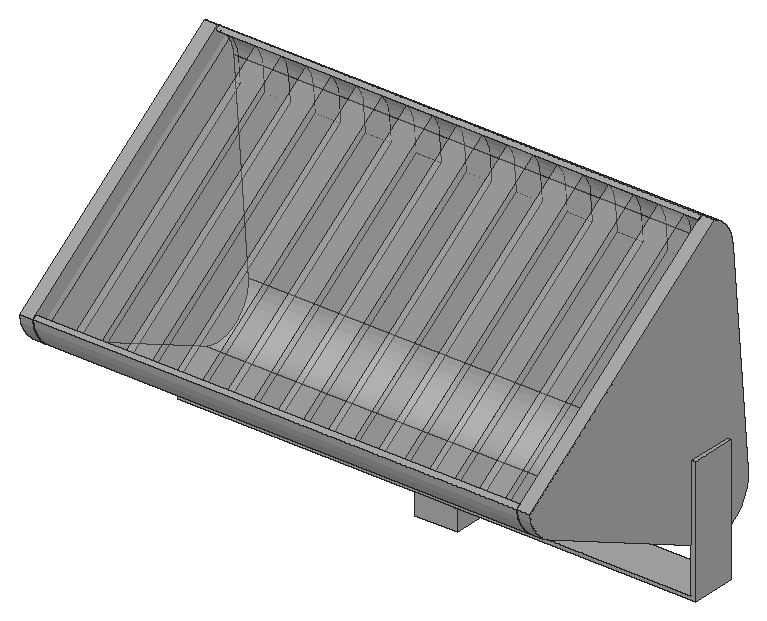
Revit family "AKTHLCE218", category Lighting Fixtures, host Face, Revit 2012
Parameters (values of type "AKTHLCE218")
  Wattage Comments = "18W"
  Wattage = 18 W
  built-in parameter 1150110 = 1 (stored number, unit not read)
  built-in parameter 1114217 = 1 (stored number, unit not read)
  Tilt Angle = -90.00°
  built-in parameter 1150109 = 1 (stored number, unit not read)
  built-in parameter 1150134 = 3
  built-in parameter 1150113 = 1 (stored number, unit not read)
  Photometric Web File = "generic"
  built-in parameter 1150142 = (empty or 0)
  built-in parameter 1150105 = 212.77 (stored number, unit not read)
  Lumens = 2673.76 lm
  built-in parameter 1150115 = 1 (stored number, unit not read)
  built-in parameter 1150137 = (empty or 0)
  built-in parameter 1150139 = (empty or 0)
  built-in parameter 1150112 = 1 (stored number, unit not read)
  built-in parameter 1150114 = 1 (stored number, unit not read)
  built-in parameter 1150132 = (empty or 0)
  built-in parameter 1150102 = (empty or 0)
  built-in parameter 1150107 = 3200 (stored number, unit not read)
  built-in parameter 1150138 = (empty or 0)
  built-in parameter 1150106 = 2.1277 (stored number, unit not read)
  Finish = Diecast Aluminium
  URL = "http://www.prescolite.com"
  Product Page URL = "http://www.prescolite.com/products/wall_wash/"
  Product Documentation Link = ""
  Model = "AKTHLCE218"  # constant formula
  Manufacturer Phone = "864-678-1000"  # constant formula
  Manufacturer Fax = "864-678-1065"  # constant formula
  Manufacturer = "Prescolite"  # constant formula
  Lamp = "2"
  Family = "CFL Wall Wash"
  Emit from Line Length = 12"
  built-in parameter 1150104 = 13.8 (stored number, unit not read)
  Dimming Lamp Color Temperature Shift = <None>
  Description = "Two High Lumen CFL RS Lamp upto 18W"  # constant formula
  Default Elevation = 48"
  Color Filter = 16777215
  Blades = Metallic specular clear
  built-in parameter 1114218 = 1 (stored number, unit not read)
  built-in parameter 1150133 = 10 (stored number, unit not read)
Reference planes (in)
  plane 1 "Center (Front/Back)": y = 0
  plane 2: z = 0
  plane 3 "Center (Left/Right)": x = 0.0375
  plane 4: z = 0
  plane 5: z = 8.5
  plane 6: x = -6.11877
  plane 7: x = -6.01877
  plane 8: x = 6.19377
  plane 9: x = 6.09377
Forms (in)
  Extrusion 1, solid, material "Diecast Aluminium" <- "Finish"
    sketch origin (0, 0, 0) x (1, 0, 0) y (0, 0, 1)
      loop
        line (-6.11877, 3.48908) -> (-6.11877, 0.5) -> (6.19377, 0.5) -> (6.19377, 3.48908) -> (6.09377, 3.48908) -> (6.09377, 0.60156) -> (-6.01877, 0.60156) -> (-6.01877, 3.48908) -> (-6.11877, 3.48908)
    from -0.5291 to 0.52581
  Extrusion 2, solid, material "Diecast Aluminium" <- "Finish"
    sketch origin (0.0375, 0.54026, 0.05678) x (0, -0.978148, -0.207912) y (0, 0.207912, -0.978148)
      loop
        line (-1.12135, -2.30106) -> (-1.72645, -7.22926)
        arc (-1.72645, -7.22926) -> (-1.66045, -7.72731) -> (-1.36058, -8.13041) r 1
        line (-1.36058, -8.13041) -> (4.83249, -5.50161)
        arc (4.83249, -5.50161) -> (4.75083, -5.00589) -> (4.43841, -4.61244) r 1
        line (4.43841, -4.61244) -> (0.47302, -1.6243)
        arc (0.47302, -1.6243) -> (-0.51953, -1.50243) -> (-1.12135, -2.30106) r 1
    from -6.05627 to -5.75
  Extrusion 3, solid, material "Diecast Aluminium" <- "Finish"
    sketch origin (0.0375, 0.54026, 0.05678) x (0, -0.978148, -0.207912) y (0, -0.207912, 0.978148)
      loop
        line (-1.72645, 7.22926) -> (-1.12135, 2.30106)
        arc (-1.12135, 2.30106) -> (-0.51953, 1.50243) -> (0.47302, 1.6243) r 1
        line (0.47302, 1.6243) -> (4.43841, 4.61244)
        arc (4.43841, 4.61244) -> (4.75083, 5.00589) -> (4.83249, 5.50161) r 1
        line (4.83249, 5.50161) -> (4.72463, 5.54739)
        arc (4.72463, 5.54739) -> (4.66881, 5.07253) -> (4.37729, 4.69355) r 0.89844
        line (4.37729, 4.69355) -> (0.41189, 1.70541)
        arc (0.41189, 1.70541) -> (-0.47985, 1.59592) -> (-1.02054, 2.31344) r 0.89844
        line (-1.02054, 2.31344) -> (-1.62565, 7.24164)
        arc (-1.62565, 7.24164) -> (-1.55596, 7.71365) -> (-1.25444, 8.08341) r 0.89844
        line (-1.25444, 8.08341) -> (-1.36216, 8.12914)
        arc (-1.36216, 8.12914) -> (-1.66083, 7.72637) -> (-1.72645, 7.22926) r 1
    from -5.74632 to 5.75
  Extrusion 4, solid, material "Metallic specular clear" <- "Blades"
    sketch origin (0.0375, 0.54026, 0.05678) x (0, -0.978148, -0.207912) y (0, -0.207912, 0.978148)
      loop
        line (-1.62565, 7.24164) -> (-1.5513, 6.63613) -> (3.89007, 4.3264) -> (4.37729, 4.69355)
        arc (4.37729, 4.69355) -> (4.57369, 4.89738) -> (4.69693, 5.15221) r 0.89844
        line (4.69693, 5.15221) -> (-1.51776, 7.79019)
        arc (-1.51776, 7.79019) -> (-1.61545, 7.52452) -> (-1.62565, 7.24164) r 0.89844
    from -5.74632 to 5.75
  Extrusion 5, void
    sketch origin (17.12975, 0.54026, 0.05678) x (0, -0.978148, -0.207912) y (0, -0.207912, 0.978148)
      loop
        line (4.72953, 5.31183) -> (-1.42558, 7.92452)
        arc (-1.42558, 7.92452) -> (-1.5961, 7.60373) -> (-1.62565, 7.24164) r 0.89844
        line (-1.62565, 7.24164) -> (-1.5513, 6.63613) -> (3.89007, 4.3264) -> (4.37729, 4.69355)
        arc (4.37729, 4.69355) -> (4.61723, 4.96633) -> (4.72953, 5.31183) r 0.89844
    from 11.34594 to 11.93581
  Extrusion 6, void
    sketch origin (15.93238, 0.54026, 0.05678) x (0, -0.978148, -0.207912) y (0, -0.207912, 0.978148)
      loop
        line (4.72953, 5.31183) -> (-1.42558, 7.92452)
        arc (-1.42558, 7.92452) -> (-1.5961, 7.60373) -> (-1.62565, 7.24164) r 0.89844
        line (-1.62565, 7.24164) -> (-1.5513, 6.63613) -> (3.89007, 4.3264) -> (4.37729, 4.69355)
        arc (4.37729, 4.69355) -> (4.61723, 4.96633) -> (4.72953, 5.31183) r 0.89844
    from 11.34594 to 11.93581
  Extrusion 7, void
    sketch origin (14.73501, 0.54026, 0.05678) x (0, -0.978148, -0.207912) y (0, -0.207912, 0.978148)
      loop
        line (4.72953, 5.31183) -> (-1.42558, 7.92452)
        arc (-1.42558, 7.92452) -> (-1.5961, 7.60373) -> (-1.62565, 7.24164) r 0.89844
        line (-1.62565, 7.24164) -> (-1.5513, 6.63613) -> (3.89007, 4.3264) -> (4.37729, 4.69355)
        arc (4.37729, 4.69355) -> (4.61723, 4.96633) -> (4.72953, 5.31183) r 0.89844
    from 11.34594 to 11.93581
  Extrusion 8, void
    sketch origin (13.53765, 0.54026, 0.05678) x (0, -0.978148, -0.207912) y (0, -0.207912, 0.978148)
      loop
        line (4.72953, 5.31183) -> (-1.42558, 7.92452)
        arc (-1.42558, 7.92452) -> (-1.5961, 7.60373) -> (-1.62565, 7.24164) r 0.89844
        line (-1.62565, 7.24164) -> (-1.5513, 6.63613) -> (3.89007, 4.3264) -> (4.37729, 4.69355)
        arc (4.37729, 4.69355) -> (4.61723, 4.96633) -> (4.72953, 5.31183) r 0.89844
    from 11.34594 to 11.93581
  Extrusion 9, void
    sketch origin (12.34028, 0.54026, 0.05678) x (0, -0.978148, -0.207912) y (0, -0.207912, 0.978148)
      loop
        line (4.72953, 5.31183) -> (-1.42558, 7.92452)
        arc (-1.42558, 7.92452) -> (-1.5961, 7.60373) -> (-1.62565, 7.24164) r 0.89844
        line (-1.62565, 7.24164) -> (-1.5513, 6.63613) -> (3.89007, 4.3264) -> (4.37729, 4.69355)
        arc (4.37729, 4.69355) -> (4.61723, 4.96633) -> (4.72953, 5.31183) r 0.89844
    from 11.34594 to 11.93581
  Extrusion 10, void
    sketch origin (11.14291, 0.54026, 0.05678) x (0, -0.978148, -0.207912) y (0, -0.207912, 0.978148)
      loop
        line (4.72953, 5.31183) -> (-1.42558, 7.92452)
        arc (-1.42558, 7.92452) -> (-1.5961, 7.60373) -> (-1.62565, 7.24164) r 0.89844
        line (-1.62565, 7.24164) -> (-1.5513, 6.63613) -> (3.89007, 4.3264) -> (4.37729, 4.69355)
        arc (4.37729, 4.69355) -> (4.61723, 4.96633) -> (4.72953, 5.31183) r 0.89844
    from 11.34594 to 11.93581
  Extrusion 11, void
    sketch origin (9.94554, 0.54026, 0.05678) x (0, -0.978148, -0.207912) y (0, -0.207912, 0.978148)
      loop
        line (4.72953, 5.31183) -> (-1.42558, 7.92452)
        arc (-1.42558, 7.92452) -> (-1.5961, 7.60373) -> (-1.62565, 7.24164) r 0.89844
        line (-1.62565, 7.24164) -> (-1.5513, 6.63613) -> (3.89007, 4.3264) -> (4.37729, 4.69355)
        arc (4.37729, 4.69355) -> (4.61723, 4.96633) -> (4.72953, 5.31183) r 0.89844
    from 11.34594 to 11.93581
  Extrusion 12, void
    sketch origin (8.74817, 0.54026, 0.05678) x (0, -0.978148, -0.207912) y (0, -0.207912, 0.978148)
      loop
        line (4.72953, 5.31183) -> (-1.42558, 7.92452)
        arc (-1.42558, 7.92452) -> (-1.5961, 7.60373) -> (-1.62565, 7.24164) r 0.89844
        line (-1.62565, 7.24164) -> (-1.5513, 6.63613) -> (3.89007, 4.3264) -> (4.37729, 4.69355)
        arc (4.37729, 4.69355) -> (4.61723, 4.96633) -> (4.72953, 5.31183) r 0.89844
    from 11.34594 to 11.93581
  Extrusion 13, void
    sketch origin (7.5508, 0.54026, 0.05678) x (0, -0.978148, -0.207912) y (0, -0.207912, 0.978148)
      loop
        line (4.72953, 5.31183) -> (-1.42558, 7.92452)
        arc (-1.42558, 7.92452) -> (-1.5961, 7.60373) -> (-1.62565, 7.24164) r 0.89844
        line (-1.62565, 7.24164) -> (-1.5513, 6.63613) -> (3.89007, 4.3264) -> (4.37729, 4.69355)
        arc (4.37729, 4.69355) -> (4.61723, 4.96633) -> (4.72953, 5.31183) r 0.89844
    from 11.34594 to 11.93581
  Extrusion 14, void
    sketch origin (6.35344, 0.54026, 0.05678) x (0, -0.978148, -0.207912) y (0, -0.207912, 0.978148)
      loop
        line (4.72953, 5.31183) -> (-1.42558, 7.92452)
        arc (-1.42558, 7.92452) -> (-1.5961, 7.60373) -> (-1.62565, 7.24164) r 0.89844
        line (-1.62565, 7.24164) -> (-1.5513, 6.63613) -> (3.89007, 4.3264) -> (4.37729, 4.69355)
        arc (4.37729, 4.69355) -> (4.61723, 4.96633) -> (4.72953, 5.31183) r 0.89844
    from 11.34594 to 11.93581
  Extrusion 15, solid, material "Diecast Aluminium" <- "Finish"
    sketch origin (0, 0, 0) x (1, 0, 0) y (0, 0, 1)
      loop
        line (-0.4625, 0.5) -> (-0.4625, 0) -> (0.5375, 0) -> (0.5375, 0.5) -> (-0.4625, 0.5)
    from -0.5291 to 0.52581
  Extrusion 16, solid, material "Diecast Aluminium" <- "Finish"
    sketch origin (0.0375, 0.54026, 0.05678) x (0, -0.978148, -0.207912) y (0, -0.207912, 0.978148)
      loop
        arc (-1.12135, 2.30106) -> (-0.51953, 1.50243) -> (0.47302, 1.6243) r 1
        line (0.47302, 1.6243) -> (4.43841, 4.61244)
        arc (4.43841, 4.61244) -> (4.75083, 5.00589) -> (4.83249, 5.50161) r 1
        line (4.83249, 5.50161) -> (-1.36058, 8.13041)
        arc (-1.36058, 8.13041) -> (-1.66045, 7.72731) -> (-1.72645, 7.22926) r 1
        line (-1.72645, 7.22926) -> (-1.12135, 2.30106)
    from -6.05627 to -5.75
Cuts and joins
  Extrusion 5, Extrusion 6, Extrusion 7, Extrusion 8, Extrusion 9, Extrusion 10, Extrusion 11, Extrusion 12, Extrusion 13, Extrusion 14 cuts Extrusion 3
  Extrusion 5, Extrusion 6, Extrusion 7, Extrusion 8, Extrusion 9, Extrusion 10, Extrusion 11, Extrusion 12, Extrusion 13, Extrusion 14 cuts Extrusion 4
Dimensions and locks (in)
  locked: plane 5 to plane 4 at 8.5
  locked: imposter light to plane 6 at 6.15627
  aligned and locked: plane 2 to host face
  aligned and locked: level to host face
  aligned and locked: Extrusion 1 to Extrusion 1
  aligned and locked: Extrusion 2 to Extrusion 1
  aligned and locked: Extrusion 3 to Extrusion 2
  aligned and locked: Extrusion 4 sketch curve to Extrusion 3  (x3)
  aligned and locked: Extrusion 3 to Extrusion 4 sketch curve
  aligned and locked: Extrusion 3 to Extrusion 4  (x2)
  aligned and locked: Extrusion 1 to Extrusion 15 sketch curve  (x2)
  aligned and locked: level to Extrusion 15 sketch curve
  aligned and locked: Extrusion 15 sketch curve to level
  aligned and locked: Extrusion 15 sketch curve to Extrusion 1
  aligned and locked: Extrusion 1 to Extrusion 15  (x2)
  aligned and locked: plane 6 to Extrusion 1
  aligned and locked: Extrusion 1 to plane 7
  aligned and locked: Extrusion 3 to cut or joined group of Extrusion 4, Extrusion 5, Extrusion 6, Extrusion 7, Extrusion 8, Extrusion 9, Extrusion 10, Extrusion 11, Extrusion 12, Extrusion 13, Extrusion 14
  aligned and locked: Extrusion 16 to plane 9
  aligned and locked: plane 9 to Extrusion 1
  aligned and locked: Extrusion 1 to plane 8
Connectors (in)
  electrical at (0.0375, 0.00165, 0), driven by "Description"
    settings: on Extrusion 15, index 1, voltage 0 V, apparent load 0 VA, apparent load phase1 0 VA, apparent load phase2 0 VA, apparent load phase3 0 VA, power factor 1, load classification "Other", number of poles 1, system type 30, power factor state 1, is connector primary yes, connector utility no, sub classification motor no, connector description "Two High Lumen CFL RS Lamp upto 18W"
